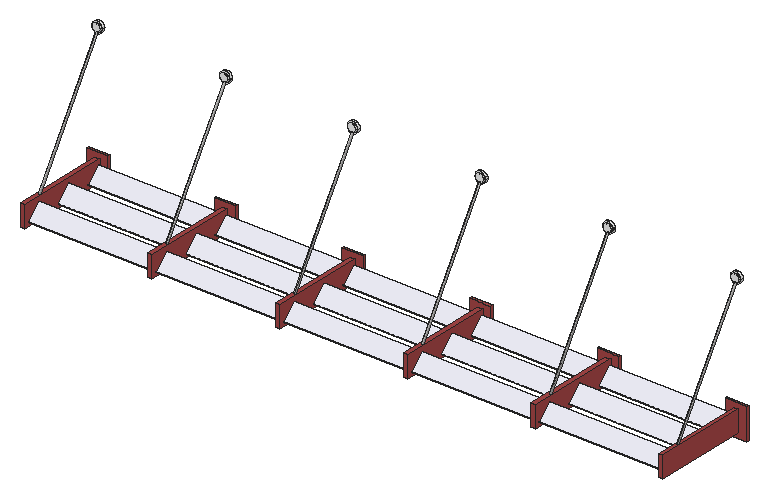
Revit family "rac_advanced_sample_family", category Generic Models, Revit 2013
Parameters (values of type "M_Solar_Shade_Complete")
  Support Type = Support Beam : Hung Support
  Support Length = 450 mm
  Number of Supports [instance] = ([built-in parameter 1001306] / Max Support Spacing) + 1  # 6
  Mounting Height = 2400 mm
  Max Support Spacing [instance] = 600 mm
  Max Louver Spacing = 150 mm
  Louver Number = ((Support Length - 100 mm) / Max Louver Spacing) + 1  # 3
  built-in parameter 1001306 [instance] = 3000 mm
  Assembly Code = ""
Reference planes
  plane 1 "Center (Front/Back)": y = 0
  plane 2: z = 0
  plane 3 "Left": x = 0
  plane 4 "Right": x = 3000
  plane 5: z = 2400
  plane 6: y = -450
  plane 7: y = -400
  plane 8: y = -50
Lines and regions (mm)
  reference lines
    curve 1: line (0, 0, 0) -> (3000, 0, 0)
  symbolic lines, style "Overhead"
    curve 2: line (0, -450, 0) -> (3000, -450, 0)
Dimensions and locks
  "built-in parameter 1001306": plane 3 "Left" to plane 4 "Right"
  "Mounting Height": plane 5 to level
  "Support Length": plane 6 to plane 1 "Center (Front/Back)"
  equal spacing: group 1, group 3, group 4, group 5, group 6, group 2  (x3)
  locked: plane 6 to plane 7 at 50
  locked: plane 8 to plane 1 "Center (Front/Back)" at 50
  equal spacing: group 7, group 9, group 8  (x2)
  equal spacing: group 8, group 9, group 7
  aligned and locked: plane 4 "Right" to curve 1
  aligned and locked: plane 1 "Center (Front/Back)" to curve 1
  aligned and locked: plane 3 "Left" to curve 1
  aligned and locked: plane 1 "Center (Front/Back)" to nested 1
  aligned and locked: plane 3 "Left" to nested 1
  aligned and locked: plane 5 to nested 1
  aligned and locked: nested 2 to plane 4 "Right"
  aligned and locked: nested 2 to plane 5
  aligned and locked: plane 3 "Left" to nested 5
  aligned and locked: plane 5 to nested 5
  aligned and locked: nested 5 to plane 8
  aligned and locked: nested 8 to plane 7
  aligned and locked: plane 5 to nested 8
  aligned and locked: plane 3 "Left" to curve 2
  aligned and locked: curve 2 to plane 4 "Right"
  aligned and locked: curve 2 to plane 6
Nested families
  nested 1: "Support Beam" at (0, 0, 2400), type <- "Support Type", type "Hung Support"
    with Mounting Height 2400 mm
  nested 2: "Support Beam" at (3000, 0, 2400), type <- "Support Type", type "Hung Support"
    with Mounting Height 2400 mm
  nested 3: "Support Beam" at (600, 0, 2400), type <- "Support Type", type "Hung Support"
    with Mounting Height 2400 mm
  nested 4: "Support Beam" at (1200, 0, 2400), type <- "Support Type", type "Hung Support"
    with Mounting Height 2400 mm
  nested 5: "Louver" at (0, -50, 2400), type "Louver"
    with Length 3000 mm
  nested 6: "Support Beam" at (1800, 0, 2400), type <- "Support Type", type "Hung Support"
    with Mounting Height 2400 mm
  nested 7: "Support Beam" at (2400, 0, 2400), type <- "Support Type", type "Hung Support"
    with Mounting Height 2400 mm
  nested 8: "Louver" at (0, -400, 2400), type "Louver"
    with Length 3000 mm
  nested 9: "Louver" at (0, -225, 2400), type "Louver"
    with Length 3000 mm
Definition of nested family "Support Beam"
  Parameters (values of type "Cantilever Support")
    Support Length = 750 mm
    Mounting Height = 1500 mm
    Hung = no
    Cantilever = yes
    Braced = no
    Assembly Code = ""
  Types (3, lengths in mm): name | Support Length | Mounting Height | Hung | Cantilever | Braced
    Hung Support | 450 | 940 | yes | no | no
    Braced Support | 750 | 940 | no | no | yes
    Cantilever Support | 750 | 1500 | no | yes | no
  Reference planes
    plane 1 "Center (Front/Back)": y = 0
    plane 2: z = 0
    plane 3 "Center (Left/Right)": x = 0
    plane 4 "Left Edge": x = -10
    plane 5 "Right Edge": x = 10
    plane 6: y = -750
    plane 7: y = -650
    plane 8: z = 600
    plane 9: z = -600
    plane 10: z = -1500
  Forms (mm)
    Extrusion 1, solid, material "Metal - Steel, Painted Maroon"
      sketch origin (0, 0, 0) x (1, 0, 0) y (0, 0, 1)
        loop
          line (-50, 75) -> (-50, -75) -> (50, -75) -> (50, 75) -> (-50, 75)
      from 0 to 10
    Extrusion 2, solid, material "Metal - Steel, Painted Maroon"
      sketch origin (-10, 0, 0) x (0, 1, 0) y (0, 0, 1)
        loop
          line (-750, 50) -> (-750, -50) -> (0, -50) -> (0, 50) -> (-750, 50)
      from 0 to 20
    Extrusion 3, solid, material "Metal - Steel, Painted Maroon", visible <- "Braced"
      sketch origin (-10, 0, 0) x (0, 1, 0) y (0, 0, 1)
        loop
          line (-650, -50) -> (0, -600) -> (0, -567.251) -> (-611.297, -50) -> (-650, -50)
      from 0 to 20
    Extrusion 4, solid, material "Metal - Steel, Painted Maroon", visible <- "Braced"
      sketch origin (0, 0, -583.626) x (1, 0, 0) y (0, 0, 1)
        loop
          line (-25, 74.495) -> (-25, -75.505) -> (25, -75.505) -> (25, 74.495) -> (-25, 74.495)
      from 0 to 10
    Sweep 5, solid, material "Metal - Steel, Galvinized", visible <- "Hung"
      path origin (0, 0, 0) x (0, 1, 0) y (0, 0, 1)
        loop
          line (-650, 50) -> (0, 600)
      profile origin (0, -325, 325) x (0, -0.645942, 0.763386) y (1, 0, 0)
        loop
          circle (0, 0) r 4
    Extrusion 6, solid, material "Metal - Aluminum", visible <- "Hung"
      sketch origin (0, 0, 0) x (1, 0, 0) y (0, 0, 1)
        loop
          circle (0, 600) r 25
      from 0 to 10
    Extrusion 7, solid, material "Metal - Aluminum", visible <- "Hung"
      sketch origin (0, 0, 0) x (1, 0, 0) y (0, 0, 1)
        loop
          circle (0, 600) r 19
      from 0 to 15
  Lines and regions (mm)
    symbolic lines, style "Overhead"
      curve 1: line (0, 0, 0) -> (0, -650, 0)
    model lines, style "InvisibleLines"
      curve 2: line (0, 0, 0) -> (0, 0, -1500)
  Dimensions and locks
    "Support Length": plane 6 to plane 1 "Center (Front/Back)"
    locked: plane 6 to plane 7 at 100
    locked: plane 8 to level at 600
    locked: level to plane 9 at 600
    locked: Extrusion 3 sketch curve to Extrusion 3 sketch curve at 25
    "Mounting Height": plane 2 to plane 10
    aligned and locked: plane 1 "Center (Front/Back)" to Extrusion 2 sketch curve
    aligned and locked: plane 6 to Extrusion 2 sketch curve
    aligned and locked: Extrusion 2 to Extrusion 3 sketch curve
    aligned and locked: plane 1 "Center (Front/Back)" to Extrusion 3 sketch curve
    aligned and locked: Extrusion 2 to Sweep 5 sketch curve
    aligned and locked: plane 1 "Center (Front/Back)" to Sweep 5 sketch curve
    aligned and locked: plane 1 "Center (Front/Back)" to curve 1
    aligned and locked: plane 7 to curve 1
    aligned and locked: curve 1 to plane 3 "Center (Left/Right)"
    aligned and locked: plane 2 to curve 2
    aligned and locked: plane 10 to curve 2
    aligned and locked: curve 2 to plane 3 "Center (Left/Right)"
  Automatic sketch dimensions
    Extrusion 1 sketch curve to plane 4 "Left Edge" = 40 mm
    plane 5 "Right Edge" to Extrusion 1 sketch curve = 40 mm
    Extrusion 1 sketch curve to level = 75 mm
    level to Extrusion 1 sketch curve = 75 mm
    Extrusion 2 sketch curve to level = 50 mm
    level to Extrusion 2 sketch curve = 50 mm
    Extrusion 3 sketch curve to plane 7 = 0 mm
    Extrusion 3 sketch curve to plane 9 = 0 mm
    Extrusion 4 sketch curve to plane 4 "Left Edge" = 15 mm
    plane 5 "Right Edge" to Extrusion 4 sketch curve = 15 mm
    Extrusion 4 sketch curve to plane 9 = 59.131 mm
    plane 9 to Extrusion 4 sketch curve = 90.869 mm
    Sweep 5 sketch curve to plane 7 = 0 mm
    Sweep 5 sketch curve to plane 8 = 0 mm
    Sweep 5 sketch curve to plane 3 "Center (Left/Right)" = 0 mm
    Sweep 5 sketch curve to profile plane = 0 mm
    Extrusion 6 sketch curve to plane 3 "Center (Left/Right)" = 0 mm
    Extrusion 6 sketch curve to plane 8 = 0 mm
    Extrusion 7 sketch curve to plane 3 "Center (Left/Right)" = 0 mm
    Extrusion 7 sketch curve to plane 8 = 0 mm
    radius of Sweep 5 sketch curve = 4 mm
    radius of Extrusion 6 sketch curve = 25 mm
    radius of Extrusion 7 sketch curve = 19 mm
Definition of nested family "Louver"
  Parameters
    Length = 1500 mm
  Reference planes
    plane 1 "Center (Front/Back)": y = 0
    plane 2: z = 0
    plane 3 "Center (Left/Right)": x = 0
    plane 4: x = 1500
  Forms (mm)
    Extrusion 1, solid, material "Metal - Aluminum, Painted White"
      sketch origin (0, 0, 0) x (0, 1, 0) y (0, 0, 1)
        loop
          line (-30.052, -30.052) -> (-22.981, -37.123) -> (37.123, 22.981) -> (30.052, 30.052) -> (-30.052, -30.052)
      from 0 to 1500
  Dimensions and locks
    "Length": plane 3 "Center (Left/Right)" to plane 4
    aligned and locked: plane 4 to Extrusion 1
  Automatic sketch dimensions
    plane 1 "Center (Front/Back)" to Extrusion 1 sketch curve = 30.052 mm
    Extrusion 1 sketch curve to Extrusion 1 sketch curve = 60.104 mm
    Extrusion 1 sketch curve to Extrusion 1 sketch curve = 7.071 mm  (x2)
    Extrusion 1 sketch curve to level = 37.123 mm
